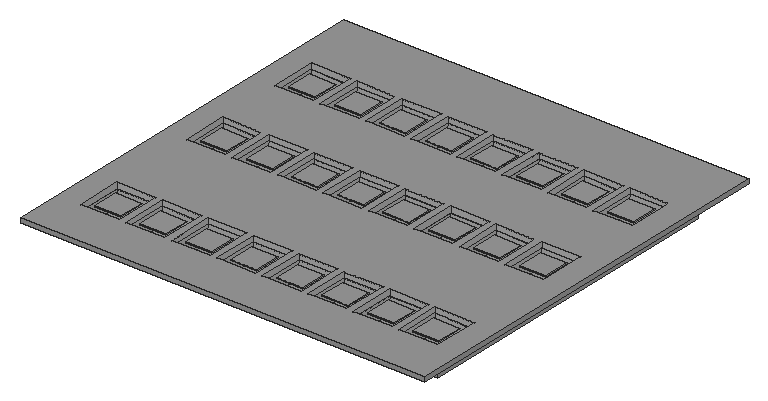
Revit family "2023653", category Lighting Fixtures, host Face, Revit 2018
Family settings
  Host = Face
  Round Connector Dimension = Use Diameter
  Part Type = Normal
  OmniClass Number = 23.80.70.00
  OmniClass Title = Lighting
  Cut with Voids When Loaded = No
  Light Source = Yes
  Shared = No
  Room Calculation Point = No
Parameters (values of type "2023653 OPTIX R 625 3L TW WHT SSC01")
  Weight = "n/a"
  Wattage Comments = ""
  Wattage = 9.2903 W
  WarrantyStartDate [instance] = "n/a"
  WarrantyGuarantorParts = "n/a"
  WarrantyDurationUnit = "n/a"
  WarrantyDurationParts = ""
  WarrantyDescription = "http://www.sylvania-lighting.com"
  built-in parameter 1150110 = 1 (stored number, unit not read)
  Voltage = 0 V
  URL = "0.97"
  TypeName = "OPTIX RECESSED 625 3L TW WHT SSC01"
  Type Image = <None>
  Type Comments = "n/a"
  built-in parameter 1114217 = 1 (stored number, unit not read)
  Tilt Angle = -90.00°
  built-in parameter 1150109 = 1 (stored number, unit not read)
  built-in parameter 1150134 = 3
  built-in parameter 1150113 = 1 (stored number, unit not read)
  SerialNumber [instance] = "n/a"
  Photometric Web File = "2023653.ies"
  Material_3_SYL = none
  PowerFactor = 0
  PowerConsumption = "Lighting"
  NominalLength = 621 mm
  NominalHeight = 38 mm
  NominalDepth = 620 mm
  Name = "OPTIX RECESSED 625 3L TW WHT SSC01"
  ModelReference = Name  # "OPTIX RECESSED 625 3L TW WHT SSC01"
  ModelNumber = "2023653"
  Model = Name  # "OPTIX RECESSED 625 3L TW WHT SSC01"
  Material = "Feilo Sylvania"
  ManufacturerName = "120 lm/W"
  Manufacturer = ""
  LuminousEfficacy = ""
  built-in parameter 1150105 = 109.82 (stored number, unit not read)
  Lumens = 1380 lm
  LuminaireType = "0"
  built-in parameter 1150115 = 1 (stored number, unit not read)
  LightOutputRatio = "LED"
  built-in parameter 1150137 = (empty or 0)
  built-in parameter 1150139 = (empty or 0)
  LampsType = Lamp  # "n/a"
  LampNominalLuminous = "3000 K"
  LampMacAdamStep = "80"
  LampColourTemperature = "LED"
  LampColourRenderingIndex = "16500"
  built-in parameter 1150112 = 1 (stored number, unit not read)
  built-in parameter 1150114 = 1 (stored number, unit not read)
  Lamp = "n/a"
  Keynote = "n/a"
  InstallationDate [instance] = "n/a"
  InputVoltage = "0"
  InputNominalFrequency = "3000"
  built-in parameter 1150132 = (empty or 0)
  built-in parameter 1150102 = (empty or 0)
  built-in parameter 1150107 = 3200 (stored number, unit not read)
  built-in parameter 1150138 = (empty or 0)
  IngressProtection = "IfcLightFixtureType"
  ImpactProtectionIndex = "IfcLightFixtureType"
  built-in parameter 1150106 = 1.0982 (stored number, unit not read)
  IfcExportType = "IfcLightFixtureType"
  IfcExportAs = "Class I"
  Emit from Circle Diameter = 609.6 mm
  Emit Shape Visible in Rendering = no
  ElectricShockClassification = "120"
  built-in parameter 1150104 = 13.8 (stored number, unit not read)
  DocumentationLiterature = "http://www.sylvania-lighting.com/product/en-int/products/2023653"
  DimmingControlOptions = "n/a"
  Material_2_SYL = none
  Dimming Lamp Color Temperature Shift = <None>
  Description = "OPTIX RECESSED 625x625 3L TW WHT SSC01 is a high efficacy low glare luminaire for office and education applications. Ceiling recessed 625x625 mm. White plastic low glare optics in 3 lines configuration. White RAL9016 fixture body. SylSmart Standalone controlled tunable white light engine, CRI>80, chromaticity tolerance of 3-step MacAdam ellipse. Luminous flux 3450lm. Power consumption 24W. Luminaire efficacy 144lm/W. Lifespan: 48,500 hours L90B10. UGR<19, Luminance at 65°<3000 Cd/m2, IK07, IP20. Photobiological safety risk group 0. Electrical protection Class I. Glow wire test 850°C"
  Default Elevation = 1219.2 mm
  CreatedOn = "13/10/2022"
  CreatedBy = "@sylvania-lighting.com"
  Cost = 0
  Color Filter = 16777215
  built-in parameter 1114216 [instance] = (empty or 0)
  ClassificationValue = "EF_70_80"
  ClassificationName = "Uniclass2015"
  Material_1_SYL = none
  BarCode [instance] = "n/a"
  built-in parameter 1114218 = 1 (stored number, unit not read)
  built-in parameter 1150133 = 10 (stored number, unit not read)
  AssetType = "Fixed"
  AssetIdentifier [instance] = "n/a"
  Assembly Code = "D5020200"
  Apparent Load = 31 VA
  Material_4_SYL = none
Reference planes
  plane 1 "Center (Front/Back)": y = 0
  plane 2: z = 0
  plane 3 "Center (Left/Right)": x = 0
  plane 4: x = -310.5
  plane 5: x = 310.5
  plane 6: y = 310
  plane 7: y = -310
  plane 8: x = -281.5
  plane 9: x = 281.5
  plane 10: y = 250
  plane 11: y = -250
  plane 12: z = -32
  plane 13: z = 6
  plane 14: y = 204
  plane 15: y = -204
  plane 16: y = 134
  plane 17: y = -134
  plane 18: x = -280
  plane 19: x = 280
  plane 20: x = -275.2
  plane 21: x = -215.2
  plane 22: x = -205.4
  plane 23: x = -145.397
  plane 24: x = -135.597
  plane 25: x = -75.597
  plane 26: x = -65.797
  plane 27: x = -5.797
  plane 28: x = 4.003
  plane 29: x = 64.003
  plane 30: x = 73.803
  plane 31: x = 143.603
  plane 32: x = 133.803
  plane 33: x = 203.603
  plane 34: x = 213.403
  plane 35: x = 273.403
  plane 36: y = 149
  plane 37: y = 189
  plane 38: x = -225.2
  plane 39: x = -265.2
  plane 40: y = 169
  plane 41: y = 35
  plane 42: y = -35
  plane 43: x = -275.2
  plane 44: x = -215.2
  plane 45: x = -205.4
  plane 46: x = -145.397
  plane 47: x = -135.597
  plane 48: x = -75.597
  plane 49: x = -65.797
  plane 50: x = -5.797
  plane 51: x = 4.003
  plane 52: x = 64.003
  plane 53: x = 73.803
  plane 54: x = 143.603
  plane 55: x = 133.803
  plane 56: x = 203.603
  plane 57: x = 213.403
  plane 58: x = 273.403
  plane 59: y = -20
  plane 60: y = 20
  plane 61: x = -225.2
  plane 62: x = -265.2
  plane 63: y = 0
  plane 64: x = -275.2
  plane 65: x = -215.2
  plane 66: x = -205.4
  plane 67: x = -145.397
  plane 68: x = -135.597
  plane 69: x = -75.597
  plane 70: x = -65.797
  plane 71: x = -5.797
  plane 72: x = 4.003
  plane 73: x = 64.003
  plane 74: x = 73.803
  plane 75: x = 143.603
  plane 76: x = 133.803
  plane 77: x = 203.603
  plane 78: x = 213.403
  plane 79: x = 273.403
  plane 80: y = -224
  plane 81: y = -184
  plane 82: x = -225.2
  plane 83: x = -265.2
Forms (mm)
  Extrusion 1, solid, material "Aluminum", detail levels medium+fine
    sketch origin (0, 0, 0) x (1, 0, 0) y (0, 1, 0)
      loop
        line (-310.5, 310) -> (-310.5, -310) -> (310.5, -310) -> (310.5, 310) -> (-310.5, 310)
    from 0 to 6
  Extrusion 2, solid, material "Aluminum", detail levels medium+fine
    sketch origin (0, 0, 0) x (1, 0, 0) y (0, 1, 0)
      loop
        line (-281.5, 250) -> (-281.5, -250) -> (281.5, -250) -> (281.5, 250) -> (-281.5, 250)
    from 0 to -32
  Blend 3, void
    base sketch origin (0, 0, 0) x (1, 0, 0) y (0, 1, 0)
      loop
        line (-275.2, 204) -> (-275.2, 134) -> (-215.2, 134) -> (-215.2, 204) -> (-275.2, 204)
    top sketch origin (0, 0, 0) x (1, 0, 0) y (0, 1, 0)
      loop
        line (-265.2, 189) -> (-265.2, 149) -> (-225.2, 149) -> (-225.2, 189) -> (-265.2, 189)
    from 6 to -19
  Blend 4, void
    base sketch origin (69.8, 0, 0) x (1, 0, 0) y (0, 1, 0)
      loop
        line (-275.2, 204) -> (-275.2, 134) -> (-215.2, 134) -> (-215.2, 204) -> (-275.2, 204)
    top sketch origin (69.8, 0, 0) x (1, 0, 0) y (0, 1, 0)
      loop
        line (-265.2, 189) -> (-265.2, 149) -> (-225.2, 149) -> (-225.2, 189) -> (-265.2, 189)
    from 6 to -19
  Blend 5, void
    base sketch origin (139.603, 0, 0) x (1, 0, 0) y (0, 1, 0)
      loop
        line (-275.2, 204) -> (-275.2, 134) -> (-215.2, 134) -> (-215.2, 204) -> (-275.2, 204)
    top sketch origin (139.603, 0, 0) x (1, 0, 0) y (0, 1, 0)
      loop
        line (-265.2, 189) -> (-265.2, 149) -> (-225.2, 149) -> (-225.2, 189) -> (-265.2, 189)
    from 6 to -19
  Blend 6, void
    base sketch origin (209.403, 0, 0) x (1, 0, 0) y (0, 1, 0)
      loop
        line (-275.2, 204) -> (-275.2, 134) -> (-215.2, 134) -> (-215.2, 204) -> (-275.2, 204)
    top sketch origin (209.403, 0, 0) x (1, 0, 0) y (0, 1, 0)
      loop
        line (-265.2, 189) -> (-265.2, 149) -> (-225.2, 149) -> (-225.2, 189) -> (-265.2, 189)
    from 6 to -19
  Blend 7, void
    base sketch origin (279.203, 0, 0) x (1, 0, 0) y (0, 1, 0)
      loop
        line (-275.2, 204) -> (-275.2, 134) -> (-215.2, 134) -> (-215.2, 204) -> (-275.2, 204)
    top sketch origin (279.203, 0, 0) x (1, 0, 0) y (0, 1, 0)
      loop
        line (-265.2, 189) -> (-265.2, 149) -> (-225.2, 149) -> (-225.2, 189) -> (-265.2, 189)
    from 6 to -19
  Blend 8, void
    base sketch origin (349.003, 0, 0) x (1, 0, 0) y (0, 1, 0)
      loop
        line (-275.2, 204) -> (-275.2, 134) -> (-215.2, 134) -> (-215.2, 204) -> (-275.2, 204)
    top sketch origin (349.003, 0, 0) x (1, 0, 0) y (0, 1, 0)
      loop
        line (-265.2, 189) -> (-265.2, 149) -> (-225.2, 149) -> (-225.2, 189) -> (-265.2, 189)
    from 6 to -19
  Blend 9, void
    base sketch origin (418.803, 0, 0) x (1, 0, 0) y (0, 1, 0)
      loop
        line (-275.2, 204) -> (-275.2, 134) -> (-215.2, 134) -> (-215.2, 204) -> (-275.2, 204)
    top sketch origin (418.803, 0, 0) x (1, 0, 0) y (0, 1, 0)
      loop
        line (-265.2, 189) -> (-265.2, 149) -> (-225.2, 149) -> (-225.2, 189) -> (-265.2, 189)
    from 6 to -19
  Blend 10, void
    base sketch origin (488.603, 0, 0) x (1, 0, 0) y (0, 1, 0)
      loop
        line (-275.2, 204) -> (-275.2, 134) -> (-215.2, 134) -> (-215.2, 204) -> (-275.2, 204)
    top sketch origin (488.603, 0, 0) x (1, 0, 0) y (0, 1, 0)
      loop
        line (-265.2, 189) -> (-265.2, 149) -> (-225.2, 149) -> (-225.2, 189) -> (-265.2, 189)
    from 6 to -19
  Extrusion 11, solid, material "Glass, White, High Luminance", detail levels fine
    sketch origin (0, 0, 0) x (1, 0, 0) y (0, 1, 0)
      loop
        line (-265.2, 189) -> (-265.2, 149) -> (-225.2, 149) -> (-225.2, 189) -> (-265.2, 189)
    from 0 to 1
  Extrusion 12, solid, material "Glass, White, High Luminance", detail levels fine
    sketch origin (69.8, 0, 0) x (1, 0, 0) y (0, 1, 0)
      loop
        line (-265.2, 189) -> (-265.2, 149) -> (-225.2, 149) -> (-225.2, 189) -> (-265.2, 189)
    from 0 to 1
  Extrusion 13, solid, material "Glass, White, High Luminance", detail levels fine
    sketch origin (139.603, 0, 0) x (1, 0, 0) y (0, 1, 0)
      loop
        line (-265.2, 189) -> (-265.2, 149) -> (-225.2, 149) -> (-225.2, 189) -> (-265.2, 189)
    from 0 to 1
  Extrusion 14, solid, material "Glass, White, High Luminance", detail levels fine
    sketch origin (209.403, 0, 0) x (1, 0, 0) y (0, 1, 0)
      loop
        line (-265.2, 189) -> (-265.2, 149) -> (-225.2, 149) -> (-225.2, 189) -> (-265.2, 189)
    from 0 to 1
  Extrusion 15, solid, material "Glass, White, High Luminance", detail levels fine
    sketch origin (279.203, 0, 0) x (1, 0, 0) y (0, 1, 0)
      loop
        line (-265.2, 189) -> (-265.2, 149) -> (-225.2, 149) -> (-225.2, 189) -> (-265.2, 189)
    from 0 to 1
  Extrusion 16, solid, material "Glass, White, High Luminance", detail levels fine
    sketch origin (349.003, 0, 0) x (1, 0, 0) y (0, 1, 0)
      loop
        line (-265.2, 189) -> (-265.2, 149) -> (-225.2, 149) -> (-225.2, 189) -> (-265.2, 189)
    from 0 to 1
  Extrusion 17, solid, material "Glass, White, High Luminance", detail levels fine
    sketch origin (418.803, 0, 0) x (1, 0, 0) y (0, 1, 0)
      loop
        line (-265.2, 189) -> (-265.2, 149) -> (-225.2, 149) -> (-225.2, 189) -> (-265.2, 189)
    from 0 to 1
  Extrusion 18, solid, material "Glass, White, High Luminance", detail levels fine
    sketch origin (488.603, 0, 0) x (1, 0, 0) y (0, 1, 0)
      loop
        line (-265.2, 189) -> (-265.2, 149) -> (-225.2, 149) -> (-225.2, 189) -> (-265.2, 189)
    from 0 to 1
  Extrusion 19, solid, material "Glass, White, High Luminance", detail levels fine
    sketch origin (0, -169, 0) x (1, 0, 0) y (0, 1, 0)
      loop
        line (-265.2, 189) -> (-265.2, 149) -> (-225.2, 149) -> (-225.2, 189) -> (-265.2, 189)
    from 0 to 1
  Extrusion 20, solid, material "Glass, White, High Luminance", detail levels fine
    sketch origin (69.8, -169, 0) x (1, 0, 0) y (0, 1, 0)
      loop
        line (-265.2, 189) -> (-265.2, 149) -> (-225.2, 149) -> (-225.2, 189) -> (-265.2, 189)
    from 0 to 1
  Extrusion 21, solid, material "Glass, White, High Luminance", detail levels fine
    sketch origin (139.603, -169, 0) x (1, 0, 0) y (0, 1, 0)
      loop
        line (-265.2, 189) -> (-265.2, 149) -> (-225.2, 149) -> (-225.2, 189) -> (-265.2, 189)
    from 0 to 1
  Extrusion 22, solid, material "Glass, White, High Luminance", detail levels fine
    sketch origin (209.403, -169, 0) x (1, 0, 0) y (0, 1, 0)
      loop
        line (-265.2, 189) -> (-265.2, 149) -> (-225.2, 149) -> (-225.2, 189) -> (-265.2, 189)
    from 0 to 1
  Extrusion 23, solid, material "Glass, White, High Luminance", detail levels fine
    sketch origin (279.203, -169, 0) x (1, 0, 0) y (0, 1, 0)
      loop
        line (-265.2, 189) -> (-265.2, 149) -> (-225.2, 149) -> (-225.2, 189) -> (-265.2, 189)
    from 0 to 1
  Extrusion 24, solid, material "Glass, White, High Luminance", detail levels fine
    sketch origin (349.003, -169, 0) x (1, 0, 0) y (0, 1, 0)
      loop
        line (-265.2, 189) -> (-265.2, 149) -> (-225.2, 149) -> (-225.2, 189) -> (-265.2, 189)
    from 0 to 1
  Extrusion 25, solid, material "Glass, White, High Luminance", detail levels fine
    sketch origin (418.803, -169, 0) x (1, 0, 0) y (0, 1, 0)
      loop
        line (-265.2, 189) -> (-265.2, 149) -> (-225.2, 149) -> (-225.2, 189) -> (-265.2, 189)
    from 0 to 1
  Extrusion 26, solid, material "Glass, White, High Luminance", detail levels fine
    sketch origin (488.603, -169, 0) x (1, 0, 0) y (0, 1, 0)
      loop
        line (-265.2, 189) -> (-265.2, 149) -> (-225.2, 149) -> (-225.2, 189) -> (-265.2, 189)
    from 0 to 1
  Blend 27, void
    base sketch origin (0, -169, 0) x (1, 0, 0) y (0, 1, 0)
      loop
        line (-275.2, 204) -> (-275.2, 134) -> (-215.2, 134) -> (-215.2, 204) -> (-275.2, 204)
    top sketch origin (0, -169, 0) x (1, 0, 0) y (0, 1, 0)
      loop
        line (-265.2, 189) -> (-265.2, 149) -> (-225.2, 149) -> (-225.2, 189) -> (-265.2, 189)
    from 6 to -19
  Blend 28, void
    base sketch origin (69.8, -169, 0) x (1, 0, 0) y (0, 1, 0)
      loop
        line (-275.2, 204) -> (-275.2, 134) -> (-215.2, 134) -> (-215.2, 204) -> (-275.2, 204)
    top sketch origin (69.8, -169, 0) x (1, 0, 0) y (0, 1, 0)
      loop
        line (-265.2, 189) -> (-265.2, 149) -> (-225.2, 149) -> (-225.2, 189) -> (-265.2, 189)
    from 6 to -19
  Blend 29, void
    base sketch origin (139.603, -169, 0) x (1, 0, 0) y (0, 1, 0)
      loop
        line (-275.2, 204) -> (-275.2, 134) -> (-215.2, 134) -> (-215.2, 204) -> (-275.2, 204)
    top sketch origin (139.603, -169, 0) x (1, 0, 0) y (0, 1, 0)
      loop
        line (-265.2, 189) -> (-265.2, 149) -> (-225.2, 149) -> (-225.2, 189) -> (-265.2, 189)
    from 6 to -19
  Blend 30, void
    base sketch origin (209.403, -169, 0) x (1, 0, 0) y (0, 1, 0)
      loop
        line (-275.2, 204) -> (-275.2, 134) -> (-215.2, 134) -> (-215.2, 204) -> (-275.2, 204)
    top sketch origin (209.403, -169, 0) x (1, 0, 0) y (0, 1, 0)
      loop
        line (-265.2, 189) -> (-265.2, 149) -> (-225.2, 149) -> (-225.2, 189) -> (-265.2, 189)
    from 6 to -19
  Blend 31, void
    base sketch origin (279.203, -169, 0) x (1, 0, 0) y (0, 1, 0)
      loop
        line (-275.2, 204) -> (-275.2, 134) -> (-215.2, 134) -> (-215.2, 204) -> (-275.2, 204)
    top sketch origin (279.203, -169, 0) x (1, 0, 0) y (0, 1, 0)
      loop
        line (-265.2, 189) -> (-265.2, 149) -> (-225.2, 149) -> (-225.2, 189) -> (-265.2, 189)
    from 6 to -19
  Blend 32, void
    base sketch origin (349.003, -169, 0) x (1, 0, 0) y (0, 1, 0)
      loop
        line (-275.2, 204) -> (-275.2, 134) -> (-215.2, 134) -> (-215.2, 204) -> (-275.2, 204)
    top sketch origin (349.003, -169, 0) x (1, 0, 0) y (0, 1, 0)
      loop
        line (-265.2, 189) -> (-265.2, 149) -> (-225.2, 149) -> (-225.2, 189) -> (-265.2, 189)
    from 6 to -19
  Blend 33, void
    base sketch origin (418.803, -169, 0) x (1, 0, 0) y (0, 1, 0)
      loop
        line (-275.2, 204) -> (-275.2, 134) -> (-215.2, 134) -> (-215.2, 204) -> (-275.2, 204)
    top sketch origin (418.803, -169, 0) x (1, 0, 0) y (0, 1, 0)
      loop
        line (-265.2, 189) -> (-265.2, 149) -> (-225.2, 149) -> (-225.2, 189) -> (-265.2, 189)
    from 6 to -19
  Blend 34, void
    base sketch origin (488.603, -169, 0) x (1, 0, 0) y (0, 1, 0)
      loop
        line (-275.2, 204) -> (-275.2, 134) -> (-215.2, 134) -> (-215.2, 204) -> (-275.2, 204)
    top sketch origin (488.603, -169, 0) x (1, 0, 0) y (0, 1, 0)
      loop
        line (-265.2, 189) -> (-265.2, 149) -> (-225.2, 149) -> (-225.2, 189) -> (-265.2, 189)
    from 6 to -19
  Extrusion 35, solid, material "Glass, White, High Luminance", detail levels fine
    sketch origin (0, -373, 0) x (1, 0, 0) y (0, 1, 0)
      loop
        line (-265.2, 189) -> (-265.2, 149) -> (-225.2, 149) -> (-225.2, 189) -> (-265.2, 189)
    from 0 to 1
  Extrusion 36, solid, material "Glass, White, High Luminance", detail levels fine
    sketch origin (69.8, -373, 0) x (1, 0, 0) y (0, 1, 0)
      loop
        line (-265.2, 189) -> (-265.2, 149) -> (-225.2, 149) -> (-225.2, 189) -> (-265.2, 189)
    from 0 to 1
  Extrusion 37, solid, material "Glass, White, High Luminance", detail levels fine
    sketch origin (139.603, -373, 0) x (1, 0, 0) y (0, 1, 0)
      loop
        line (-265.2, 189) -> (-265.2, 149) -> (-225.2, 149) -> (-225.2, 189) -> (-265.2, 189)
    from 0 to 1
  Extrusion 38, solid, material "Glass, White, High Luminance", detail levels fine
    sketch origin (209.403, -373, 0) x (1, 0, 0) y (0, 1, 0)
      loop
        line (-265.2, 189) -> (-265.2, 149) -> (-225.2, 149) -> (-225.2, 189) -> (-265.2, 189)
    from 0 to 1
  Extrusion 39, solid, material "Glass, White, High Luminance", detail levels fine
    sketch origin (279.203, -373, 0) x (1, 0, 0) y (0, 1, 0)
      loop
        line (-265.2, 189) -> (-265.2, 149) -> (-225.2, 149) -> (-225.2, 189) -> (-265.2, 189)
    from 0 to 1
  Extrusion 40, solid, material "Glass, White, High Luminance", detail levels fine
    sketch origin (349.003, -373, 0) x (1, 0, 0) y (0, 1, 0)
      loop
        line (-265.2, 189) -> (-265.2, 149) -> (-225.2, 149) -> (-225.2, 189) -> (-265.2, 189)
    from 0 to 1
  Extrusion 41, solid, material "Glass, White, High Luminance", detail levels fine
    sketch origin (418.803, -373, 0) x (1, 0, 0) y (0, 1, 0)
      loop
        line (-265.2, 189) -> (-265.2, 149) -> (-225.2, 149) -> (-225.2, 189) -> (-265.2, 189)
    from 0 to 1
  Extrusion 42, solid, material "Glass, White, High Luminance", detail levels fine
    sketch origin (488.603, -373, 0) x (1, 0, 0) y (0, 1, 0)
      loop
        line (-265.2, 189) -> (-265.2, 149) -> (-225.2, 149) -> (-225.2, 189) -> (-265.2, 189)
    from 0 to 1
  Blend 43, void
    base sketch origin (0, -373, 0) x (1, 0, 0) y (0, 1, 0)
      loop
        line (-275.2, 204) -> (-275.2, 134) -> (-215.2, 134) -> (-215.2, 204) -> (-275.2, 204)
    top sketch origin (0, -373, 0) x (1, 0, 0) y (0, 1, 0)
      loop
        line (-265.2, 189) -> (-265.2, 149) -> (-225.2, 149) -> (-225.2, 189) -> (-265.2, 189)
    from 6 to -19
  Blend 44, void
    base sketch origin (69.8, -373, 0) x (1, 0, 0) y (0, 1, 0)
      loop
        line (-275.2, 204) -> (-275.2, 134) -> (-215.2, 134) -> (-215.2, 204) -> (-275.2, 204)
    top sketch origin (69.8, -373, 0) x (1, 0, 0) y (0, 1, 0)
      loop
        line (-265.2, 189) -> (-265.2, 149) -> (-225.2, 149) -> (-225.2, 189) -> (-265.2, 189)
    from 6 to -19
  Blend 45, void
    base sketch origin (139.603, -373, 0) x (1, 0, 0) y (0, 1, 0)
      loop
        line (-275.2, 204) -> (-275.2, 134) -> (-215.2, 134) -> (-215.2, 204) -> (-275.2, 204)
    top sketch origin (139.603, -373, 0) x (1, 0, 0) y (0, 1, 0)
      loop
        line (-265.2, 189) -> (-265.2, 149) -> (-225.2, 149) -> (-225.2, 189) -> (-265.2, 189)
    from 6 to -19
  Blend 46, void
    base sketch origin (209.403, -373, 0) x (1, 0, 0) y (0, 1, 0)
      loop
        line (-275.2, 204) -> (-275.2, 134) -> (-215.2, 134) -> (-215.2, 204) -> (-275.2, 204)
    top sketch origin (209.403, -373, 0) x (1, 0, 0) y (0, 1, 0)
      loop
        line (-265.2, 189) -> (-265.2, 149) -> (-225.2, 149) -> (-225.2, 189) -> (-265.2, 189)
    from 6 to -19
  Blend 47, void
    base sketch origin (279.203, -373, 0) x (1, 0, 0) y (0, 1, 0)
      loop
        line (-275.2, 204) -> (-275.2, 134) -> (-215.2, 134) -> (-215.2, 204) -> (-275.2, 204)
    top sketch origin (279.203, -373, 0) x (1, 0, 0) y (0, 1, 0)
      loop
        line (-265.2, 189) -> (-265.2, 149) -> (-225.2, 149) -> (-225.2, 189) -> (-265.2, 189)
    from 6 to -19
  Blend 48, void
    base sketch origin (349.003, -373, 0) x (1, 0, 0) y (0, 1, 0)
      loop
        line (-275.2, 204) -> (-275.2, 134) -> (-215.2, 134) -> (-215.2, 204) -> (-275.2, 204)
    top sketch origin (349.003, -373, 0) x (1, 0, 0) y (0, 1, 0)
      loop
        line (-265.2, 189) -> (-265.2, 149) -> (-225.2, 149) -> (-225.2, 189) -> (-265.2, 189)
    from 6 to -19
  Blend 49, void
    base sketch origin (418.803, -373, 0) x (1, 0, 0) y (0, 1, 0)
      loop
        line (-275.2, 204) -> (-275.2, 134) -> (-215.2, 134) -> (-215.2, 204) -> (-275.2, 204)
    top sketch origin (418.803, -373, 0) x (1, 0, 0) y (0, 1, 0)
      loop
        line (-265.2, 189) -> (-265.2, 149) -> (-225.2, 149) -> (-225.2, 189) -> (-265.2, 189)
    from 6 to -19
  Blend 50, void
    base sketch origin (488.603, -373, 0) x (1, 0, 0) y (0, 1, 0)
      loop
        line (-275.2, 204) -> (-275.2, 134) -> (-215.2, 134) -> (-215.2, 204) -> (-275.2, 204)
    top sketch origin (488.603, -373, 0) x (1, 0, 0) y (0, 1, 0)
      loop
        line (-265.2, 189) -> (-265.2, 149) -> (-225.2, 149) -> (-225.2, 189) -> (-265.2, 189)
    from 6 to -19
  Extrusion 51, solid, detail levels coarse
    sketch origin (0, 0, 0) x (1, 0, 0) y (0, 0, 1)
      loop
        line (-310.5, 6) -> (-310.5, -32) -> (310, -32) -> (310, 6) -> (-310.5, 6)
    from -310 to 310
Cuts and joins
  Blend 3, Blend 4, Blend 5, Blend 6, Blend 7, Blend 8, Blend 9, Blend 10, Blend 27, Blend 28, Blend 29, Blend 30, Blend 31, Blend 32, Blend 33, Blend 34, Blend 43, Blend 44, Blend 45, Blend 46, Blend 47, Blend 48, Blend 49, Blend 50 cuts Extrusion 1
  Blend 3, Blend 4, Blend 5, Blend 6, Blend 7, Blend 8, Blend 9, Blend 10, Blend 27, Blend 28, Blend 29, Blend 30, Blend 31, Blend 32, Blend 33, Blend 34, Blend 43, Blend 44, Blend 45, Blend 46, Blend 47, Blend 48, Blend 49, Blend 50 cuts Extrusion 2
  Blend 27 cuts Extrusion 11
  Blend 28 cuts Extrusion 12
  Blend 29 cuts Extrusion 13
  Blend 30 cuts Extrusion 14
  Blend 31 cuts Extrusion 15
  Blend 32 cuts Extrusion 16
  Blend 33 cuts Extrusion 17
  Blend 34 cuts Extrusion 18
  Blend 43 cuts Extrusion 19
  Blend 44 cuts Extrusion 20
  Blend 45 cuts Extrusion 21
  Blend 46 cuts Extrusion 22
  Blend 47 cuts Extrusion 23
  Blend 48 cuts Extrusion 24
  Blend 49 cuts Extrusion 25
  Blend 50 cuts Extrusion 26
Dimensions and locks
  "NominalLength": plane 4 to plane 5
  equal spacing: plane 4, plane 3 "Center (Left/Right)", plane 5
  "NominalDepth": plane 6 to plane 7
  equal spacing: plane 6, plane 1 "Center (Front/Back)", plane 7
  plane 12 to plane 2 = 32 mm
  plane 13 to plane 2 = 6 mm
  "NominalHeight": plane 12 to plane 13
  aligned and locked: plane 2 to host face
  aligned and locked: level to host face
Automatic sketch dimensions
  host sketch curve to host sketch curve = 2438.4 mm  (x2)
  Extrusion 1 sketch curve to plane 4 = 0 mm
  Extrusion 1 sketch curve to plane 5 = 0 mm
  Extrusion 1 sketch curve to plane 7 = 0 mm
  Extrusion 1 sketch curve to plane 6 = 0 mm
  Extrusion 2 sketch curve to plane 8 = 0 mm
  Extrusion 2 sketch curve to plane 9 = 0 mm
  Extrusion 2 sketch curve to plane 11 = 0 mm
  Extrusion 2 sketch curve to plane 10 = 0 mm
  Blend 3 sketch curve to plane 16 = 0 mm
  Blend 3 sketch curve to plane 20 = 0 mm
  Blend 3 sketch curve to plane 21 = 0 mm
  Blend 3 sketch curve to plane 14 = 0 mm
  Blend 3 sketch curve to plane 36 = 0 mm
  Blend 3 sketch curve to plane 39 = 0 mm
  Blend 3 sketch curve to plane 38 = 0 mm
  Blend 3 sketch curve to plane 37 = 0 mm
  Blend 4 sketch curve to plane 16 = 0 mm
  Blend 4 sketch curve to plane 22 = 0 mm
  Blend 4 sketch curve to plane 14 = 0 mm
  Blend 4 sketch curve to plane 23 = 0.003 mm
  Blend 4 sketch curve to plane 36 = 0 mm
  Blend 4 sketch curve to plane 37 = 0 mm
  plane 22 to Blend 4 sketch curve = 10 mm
  Blend 4 sketch curve to plane 23 = 10.003 mm
  Blend 5 sketch curve to plane 16 = 0 mm
  Blend 5 sketch curve to plane 24 = 0 mm
  Blend 5 sketch curve to plane 25 = 0 mm
  Blend 5 sketch curve to plane 14 = 0 mm
  plane 36 to Blend 5 sketch curve = 0 mm
  plane 37 to Blend 5 sketch curve = 0 mm
  plane 24 to Blend 5 sketch curve = 10 mm
  Blend 5 sketch curve to plane 25 = 10 mm
  Blend 6 sketch curve to plane 16 = 0 mm
  Blend 6 sketch curve to plane 26 = 0 mm
  Blend 6 sketch curve to plane 27 = 0 mm
  Blend 6 sketch curve to plane 14 = 0 mm
  plane 36 to Blend 6 sketch curve = 0 mm
  plane 37 to Blend 6 sketch curve = 0 mm
  plane 26 to Blend 6 sketch curve = 10 mm
  Blend 6 sketch curve to plane 27 = 10 mm
  Blend 7 sketch curve to plane 16 = 0 mm
  Blend 7 sketch curve to plane 28 = 0 mm
  Blend 7 sketch curve to plane 29 = 0 mm
  Blend 7 sketch curve to plane 14 = 0 mm
  plane 36 to Blend 7 sketch curve = 0 mm
  plane 37 to Blend 7 sketch curve = 0 mm
  plane 28 to Blend 7 sketch curve = 10 mm
  Blend 7 sketch curve to plane 29 = 10 mm
  Blend 8 sketch curve to plane 16 = 0 mm
  Blend 8 sketch curve to plane 30 = 0 mm
  Blend 8 sketch curve to plane 32 = 0 mm
  Blend 8 sketch curve to plane 14 = 0 mm
  plane 36 to Blend 8 sketch curve = 0 mm
  plane 37 to Blend 8 sketch curve = 0 mm
  plane 30 to Blend 8 sketch curve = 10 mm
  Blend 8 sketch curve to plane 32 = 10 mm
  Blend 9 sketch curve to plane 16 = 0 mm
  Blend 9 sketch curve to plane 31 = 0 mm
  Blend 9 sketch curve to plane 33 = 0 mm
  Blend 9 sketch curve to plane 14 = 0 mm
  plane 36 to Blend 9 sketch curve = 0 mm
  plane 37 to Blend 9 sketch curve = 0 mm
  plane 31 to Blend 9 sketch curve = 10 mm
  Blend 9 sketch curve to plane 33 = 10 mm
  Blend 10 sketch curve to plane 16 = 0 mm
  Blend 10 sketch curve to plane 34 = 0 mm
  Blend 10 sketch curve to plane 35 = 0 mm
  Blend 10 sketch curve to plane 14 = 0 mm
  plane 36 to Blend 10 sketch curve = 0 mm
  plane 37 to Blend 10 sketch curve = 0 mm
  plane 34 to Blend 10 sketch curve = 10 mm
  Blend 10 sketch curve to plane 35 = 10 mm
  Extrusion 11 sketch curve to plane 36 = 0 mm
  Extrusion 11 sketch curve to plane 39 = 0 mm
  Extrusion 11 sketch curve to plane 38 = 0 mm
  Extrusion 11 sketch curve to plane 37 = 0 mm
  Extrusion 12 sketch curve to plane 36 = 0 mm
  Extrusion 12 sketch curve to plane 37 = 0 mm
  plane 22 to Extrusion 12 sketch curve = 10 mm
  Extrusion 12 sketch curve to plane 23 = 10.003 mm
  plane 36 to Extrusion 13 sketch curve = 0 mm
  plane 37 to Extrusion 13 sketch curve = 0 mm
  plane 24 to Extrusion 13 sketch curve = 10 mm
  Extrusion 13 sketch curve to plane 25 = 10 mm
  plane 36 to Extrusion 14 sketch curve = 0 mm
  plane 37 to Extrusion 14 sketch curve = 0 mm
  plane 26 to Extrusion 14 sketch curve = 10 mm
  Extrusion 14 sketch curve to plane 27 = 10 mm
  plane 36 to Extrusion 15 sketch curve = 0 mm
  plane 37 to Extrusion 15 sketch curve = 0 mm
  plane 28 to Extrusion 15 sketch curve = 10 mm
  Extrusion 15 sketch curve to plane 29 = 10 mm
  plane 36 to Extrusion 16 sketch curve = 0 mm
  plane 37 to Extrusion 16 sketch curve = 0 mm
  plane 30 to Extrusion 16 sketch curve = 10 mm
  Extrusion 16 sketch curve to plane 32 = 10 mm
  plane 36 to Extrusion 17 sketch curve = 0 mm
  plane 37 to Extrusion 17 sketch curve = 0 mm
  plane 31 to Extrusion 17 sketch curve = 10 mm
  Extrusion 17 sketch curve to plane 33 = 10 mm
  plane 36 to Extrusion 18 sketch curve = 0 mm
  plane 37 to Extrusion 18 sketch curve = 0 mm
  plane 34 to Extrusion 18 sketch curve = 10 mm
  Extrusion 18 sketch curve to plane 35 = 10 mm
  Extrusion 19 sketch curve to plane 39 = 0 mm
  Extrusion 19 sketch curve to plane 38 = 0 mm
  Extrusion 19 sketch curve to plane 59 = 0 mm
  Extrusion 19 sketch curve to plane 60 = 0 mm
  Extrusion 20 sketch curve to plane 59 = 0 mm
  Extrusion 20 sketch curve to plane 60 = 0 mm
  plane 22 to Extrusion 20 sketch curve = 10 mm
  Extrusion 20 sketch curve to plane 23 = 10.003 mm
  plane 59 to Extrusion 21 sketch curve = 0 mm
  plane 60 to Extrusion 21 sketch curve = 0 mm
  plane 24 to Extrusion 21 sketch curve = 10 mm
  Extrusion 21 sketch curve to plane 25 = 10 mm
  plane 59 to Extrusion 22 sketch curve = 0 mm
  plane 60 to Extrusion 22 sketch curve = 0 mm
  plane 26 to Extrusion 22 sketch curve = 10 mm
  Extrusion 22 sketch curve to plane 27 = 10 mm
  plane 59 to Extrusion 23 sketch curve = 0 mm
  plane 60 to Extrusion 23 sketch curve = 0 mm
  plane 28 to Extrusion 23 sketch curve = 10 mm
  Extrusion 23 sketch curve to plane 29 = 10 mm
  plane 59 to Extrusion 24 sketch curve = 0 mm
  plane 60 to Extrusion 24 sketch curve = 0 mm
  plane 30 to Extrusion 24 sketch curve = 10 mm
  Extrusion 24 sketch curve to plane 32 = 10 mm
  plane 59 to Extrusion 25 sketch curve = 0 mm
  plane 60 to Extrusion 25 sketch curve = 0 mm
  plane 31 to Extrusion 25 sketch curve = 10 mm
  Extrusion 25 sketch curve to plane 33 = 10 mm
  plane 59 to Extrusion 26 sketch curve = 0 mm
  plane 60 to Extrusion 26 sketch curve = 0 mm
  plane 34 to Extrusion 26 sketch curve = 10 mm
  Extrusion 26 sketch curve to plane 35 = 10 mm
  Blend 27 sketch curve to plane 20 = 0 mm
  Blend 27 sketch curve to plane 21 = 0 mm
  Blend 27 sketch curve to plane 42 = 0 mm
  Blend 27 sketch curve to plane 41 = 0 mm
  Blend 27 sketch curve to plane 39 = 0 mm
  Blend 27 sketch curve to plane 38 = 0 mm
  Blend 27 sketch curve to plane 59 = 0 mm
  Blend 27 sketch curve to plane 60 = 0 mm
  Blend 28 sketch curve to plane 22 = 0 mm
  Blend 28 sketch curve to plane 42 = 0 mm
  Blend 28 sketch curve to plane 41 = 0 mm
  Blend 28 sketch curve to plane 23 = 0.003 mm
  Blend 28 sketch curve to plane 59 = 0 mm
  Blend 28 sketch curve to plane 60 = 0 mm
  plane 22 to Blend 28 sketch curve = 10 mm
  Blend 28 sketch curve to plane 23 = 10.003 mm
  Blend 29 sketch curve to plane 24 = 0 mm
  Blend 29 sketch curve to plane 25 = 0 mm
  Blend 29 sketch curve to plane 42 = 0 mm
  Blend 29 sketch curve to plane 41 = 0 mm
  plane 59 to Blend 29 sketch curve = 0 mm
  plane 60 to Blend 29 sketch curve = 0 mm
  plane 24 to Blend 29 sketch curve = 10 mm
  Blend 29 sketch curve to plane 25 = 10 mm
  Blend 30 sketch curve to plane 26 = 0 mm
  Blend 30 sketch curve to plane 27 = 0 mm
  Blend 30 sketch curve to plane 42 = 0 mm
  Blend 30 sketch curve to plane 41 = 0 mm
  plane 59 to Blend 30 sketch curve = 0 mm
  plane 60 to Blend 30 sketch curve = 0 mm
  plane 26 to Blend 30 sketch curve = 10 mm
  Blend 30 sketch curve to plane 27 = 10 mm
  Blend 31 sketch curve to plane 28 = 0 mm
  Blend 31 sketch curve to plane 29 = 0 mm
  Blend 31 sketch curve to plane 42 = 0 mm
  Blend 31 sketch curve to plane 41 = 0 mm
  plane 59 to Blend 31 sketch curve = 0 mm
  plane 60 to Blend 31 sketch curve = 0 mm
  plane 28 to Blend 31 sketch curve = 10 mm
  Blend 31 sketch curve to plane 29 = 10 mm
  Blend 32 sketch curve to plane 30 = 0 mm
  Blend 32 sketch curve to plane 32 = 0 mm
  Blend 32 sketch curve to plane 42 = 0 mm
  Blend 32 sketch curve to plane 41 = 0 mm
  plane 59 to Blend 32 sketch curve = 0 mm
  plane 60 to Blend 32 sketch curve = 0 mm
  plane 30 to Blend 32 sketch curve = 10 mm
  Blend 32 sketch curve to plane 32 = 10 mm
  Blend 33 sketch curve to plane 31 = 0 mm
  Blend 33 sketch curve to plane 33 = 0 mm
  Blend 33 sketch curve to plane 42 = 0 mm
  Blend 33 sketch curve to plane 41 = 0 mm
  plane 59 to Blend 33 sketch curve = 0 mm
  plane 60 to Blend 33 sketch curve = 0 mm
  plane 31 to Blend 33 sketch curve = 10 mm
  Blend 33 sketch curve to plane 33 = 10 mm
  Blend 34 sketch curve to plane 34 = 0 mm
  Blend 34 sketch curve to plane 35 = 0 mm
  Blend 34 sketch curve to plane 42 = 0 mm
  Blend 34 sketch curve to plane 41 = 0 mm
  plane 59 to Blend 34 sketch curve = 0 mm
  plane 60 to Blend 34 sketch curve = 0 mm
  plane 34 to Blend 34 sketch curve = 10 mm
  Blend 34 sketch curve to plane 35 = 10 mm
  Extrusion 35 sketch curve to plane 39 = 0 mm
  Extrusion 35 sketch curve to plane 38 = 0 mm
  Extrusion 35 sketch curve to plane 80 = 0 mm
  Extrusion 35 sketch curve to plane 81 = 0 mm
  Extrusion 36 sketch curve to plane 80 = 0 mm
  Extrusion 36 sketch curve to plane 81 = 0 mm
  plane 22 to Extrusion 36 sketch curve = 10 mm
  Extrusion 36 sketch curve to plane 23 = 10.003 mm
  plane 80 to Extrusion 37 sketch curve = 0 mm
  plane 81 to Extrusion 37 sketch curve = 0 mm
  plane 24 to Extrusion 37 sketch curve = 10 mm
  Extrusion 37 sketch curve to plane 25 = 10 mm
  plane 80 to Extrusion 38 sketch curve = 0 mm
  plane 81 to Extrusion 38 sketch curve = 0 mm
  plane 26 to Extrusion 38 sketch curve = 10 mm
  Extrusion 38 sketch curve to plane 27 = 10 mm
  plane 80 to Extrusion 39 sketch curve = 0 mm
  plane 81 to Extrusion 39 sketch curve = 0 mm
  plane 28 to Extrusion 39 sketch curve = 10 mm
  Extrusion 39 sketch curve to plane 29 = 10 mm
  plane 80 to Extrusion 40 sketch curve = 0 mm
  plane 81 to Extrusion 40 sketch curve = 0 mm
  plane 30 to Extrusion 40 sketch curve = 10 mm
  Extrusion 40 sketch curve to plane 32 = 10 mm
  plane 80 to Extrusion 41 sketch curve = 0 mm
  plane 81 to Extrusion 41 sketch curve = 0 mm
  plane 31 to Extrusion 41 sketch curve = 10 mm
  Extrusion 41 sketch curve to plane 33 = 10 mm
  plane 80 to Extrusion 42 sketch curve = 0 mm
  plane 81 to Extrusion 42 sketch curve = 0 mm
  plane 34 to Extrusion 42 sketch curve = 10 mm
  Extrusion 42 sketch curve to plane 35 = 10 mm
  Blend 43 sketch curve to plane 20 = 0 mm
  Blend 43 sketch curve to plane 21 = 0 mm
  plane 11 to Blend 43 sketch curve = 11 mm
  plane 81 to Blend 43 sketch curve = 15 mm
  Blend 43 sketch curve to plane 39 = 0 mm
  Blend 43 sketch curve to plane 38 = 0 mm
  Blend 43 sketch curve to plane 80 = 0 mm
  Blend 43 sketch curve to plane 81 = 0 mm
  Blend 44 sketch curve to plane 22 = 0 mm
  Blend 44 sketch curve to plane 23 = 0.003 mm
  plane 11 to Blend 44 sketch curve = 11 mm
  plane 81 to Blend 44 sketch curve = 15 mm
  Blend 44 sketch curve to plane 80 = 0 mm
  Blend 44 sketch curve to plane 81 = 0 mm
  plane 22 to Blend 44 sketch curve = 10 mm
  Blend 44 sketch curve to plane 23 = 10.003 mm
  Blend 45 sketch curve to plane 24 = 0 mm
  Blend 45 sketch curve to plane 25 = 0 mm
  plane 11 to Blend 45 sketch curve = 11 mm
  plane 81 to Blend 45 sketch curve = 15 mm
  plane 80 to Blend 45 sketch curve = 0 mm
  plane 81 to Blend 45 sketch curve = 0 mm
  plane 24 to Blend 45 sketch curve = 10 mm
  Blend 45 sketch curve to plane 25 = 10 mm
  Blend 46 sketch curve to plane 26 = 0 mm
  Blend 46 sketch curve to plane 27 = 0 mm
  plane 11 to Blend 46 sketch curve = 11 mm
  plane 81 to Blend 46 sketch curve = 15 mm
  plane 80 to Blend 46 sketch curve = 0 mm
  plane 81 to Blend 46 sketch curve = 0 mm
  plane 26 to Blend 46 sketch curve = 10 mm
  Blend 46 sketch curve to plane 27 = 10 mm
  Blend 47 sketch curve to plane 28 = 0 mm
  Blend 47 sketch curve to plane 29 = 0 mm
  plane 11 to Blend 47 sketch curve = 11 mm
  plane 81 to Blend 47 sketch curve = 15 mm
  plane 80 to Blend 47 sketch curve = 0 mm
  plane 81 to Blend 47 sketch curve = 0 mm
  plane 28 to Blend 47 sketch curve = 10 mm
  Blend 47 sketch curve to plane 29 = 10 mm
  Blend 48 sketch curve to plane 30 = 0 mm
  Blend 48 sketch curve to plane 32 = 0 mm
  plane 11 to Blend 48 sketch curve = 11 mm
  plane 81 to Blend 48 sketch curve = 15 mm
  plane 80 to Blend 48 sketch curve = 0 mm
  plane 81 to Blend 48 sketch curve = 0 mm
  plane 30 to Blend 48 sketch curve = 10 mm
  Blend 48 sketch curve to plane 32 = 10 mm
  Blend 49 sketch curve to plane 31 = 0 mm
  Blend 49 sketch curve to plane 33 = 0 mm
  plane 11 to Blend 49 sketch curve = 11 mm
  plane 81 to Blend 49 sketch curve = 15 mm
  plane 80 to Blend 49 sketch curve = 0 mm
  plane 81 to Blend 49 sketch curve = 0 mm
  plane 31 to Blend 49 sketch curve = 10 mm
  Blend 49 sketch curve to plane 33 = 10 mm
  Blend 50 sketch curve to plane 34 = 0 mm
  Blend 50 sketch curve to plane 35 = 0 mm
  plane 11 to Blend 50 sketch curve = 11 mm
  plane 81 to Blend 50 sketch curve = 15 mm
  plane 80 to Blend 50 sketch curve = 0 mm
  plane 81 to Blend 50 sketch curve = 0 mm
  plane 34 to Blend 50 sketch curve = 10 mm
  Blend 50 sketch curve to plane 35 = 10 mm
  Extrusion 51 sketch curve to plane 4 = 0 mm
  plane 9 to Extrusion 51 sketch curve = 28.5 mm
  Extrusion 51 sketch curve to plane 12 = 0 mm
  plane 13 to Extrusion 51 sketch curve = 0 mm
Connectors
  electrical at (0, 0, 0), driven by "Apparent Load", driven by "PowerFactor", driven by "Voltage"
    settings: index 1, voltage 0 V, apparent load 31 VA, apparent load phase1 0 VA, apparent load phase2 0 VA, apparent load phase3 0 VA, power factor 0, load classification "Lighting", number of poles 1, system type 30, power factor state 1, is connector primary yes, connector utility no, sub classification motor no, connector description ""
